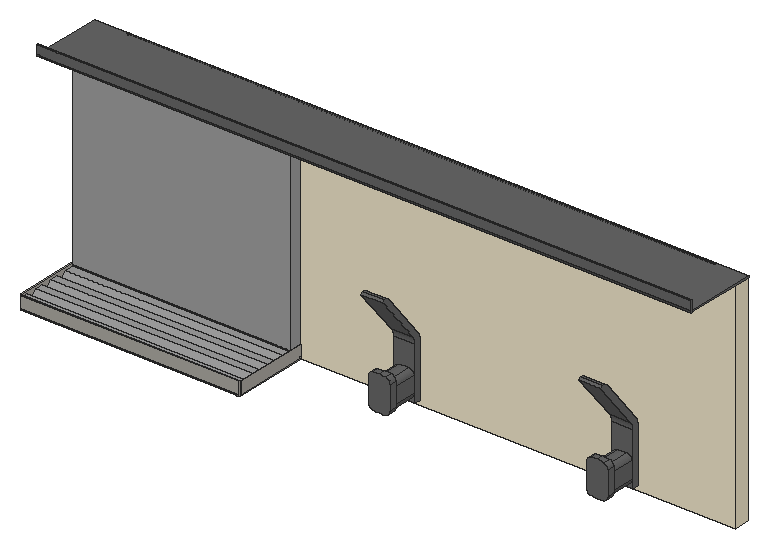
Revit family "Storage-Teknion-LWBWS_Byward_Wall_Shelves-R2019", category Furniture, Revit 2019 (continued)
Automatic sketch dimensions
  Sweep 20 sketch curve to plane 5 "Right" = 0.054"
  Masking region 4 sketch curve to plane 6 "Back" = 0.2842"
  Masking region 8 sketch curve to plane 4 "Left" = 0.000"
  Masking region 8 sketch curve to plane 7 "Front" = 0.09984"
  Masking region 8 sketch curve to plane 7 "Front" = 0.024"
  plane 7 "Front" to curve 11 = 1.53256"
  plane 6 "Back" to curve 11 = 1.42216"
  plane 7 "Front" to curve 12 = 1.53256"
  plane 6 "Back" to curve 12 = 1.42216"
  curve 43 to curve 38 = 0.000"
  curve 23 to plane 7 "Front" = 0.17984"
  curve 37 to curve 39 = 0.030"
  curve 36 to curve 37 = 0.48913"
  curve 46 to plane 6 "Back" = 1.1222"
  curve 48 to curve 46 = 0.000"
  curve 49 to plane 6 "Back" = 1.1222"
  curve 49 to curve 50 = 0.000"
  curve 52 to plane 6 "Back" = 1.1222"
  curve 54 to curve 52 = 0.000"
  curve 55 to plane 6 "Back" = 1.1222"
  curve 55 to curve 56 = 0.000"
Nested families (in)
  nested 1: "Accessories-Teknion-Byward_Coat_Hook-R2018" at (-0.79901, -1.04855, 50.0861), visible <- "Right Hooks, Upper Shelf", type "Coat Hook"
    with To render please download texture images found here "https://assets.teknion.com/web/5e81352c1dfdb467/revit-material-swatches/", How To Use Teknion Materials User Guide "https://assets.teknion.com/m/205dd0a49fa58060/original/How-to-add-a-Material-Library-and-Texture-Images-to-your-Revit-project.pdf", For Additional Finishes please visit "https://assets.teknion.com/m/44a8009b046e5d47/original/Teknion_Materials_Library.zip"
  nested 2: "Accessories-Teknion-Byward_Coat_Hook-R2018" at (9.20099, -1.04855, 50.0861), visible <- "Right Hooks, Upper Shelf", type "Coat Hook"
    with To render please download texture images found here "https://assets.teknion.com/web/5e81352c1dfdb467/revit-material-swatches/", How To Use Teknion Materials User Guide "https://assets.teknion.com/m/205dd0a49fa58060/original/How-to-add-a-Material-Library-and-Texture-Images-to-your-Revit-project.pdf", For Additional Finishes please visit "https://assets.teknion.com/m/44a8009b046e5d47/original/Teknion_Materials_Library.zip"
  nested 3: "Accessories-Teknion-Byward_Coat_Hook-R2018" at (-10.79901, -1.04855, 50.0861), visible <- "Left Hooks, Upper Shelf", type "Coat Hook"
    with To render please download texture images found here "https://assets.teknion.com/web/5e81352c1dfdb467/revit-material-swatches/", How To Use Teknion Materials User Guide "https://assets.teknion.com/m/205dd0a49fa58060/original/How-to-add-a-Material-Library-and-Texture-Images-to-your-Revit-project.pdf", For Additional Finishes please visit "https://assets.teknion.com/m/44a8009b046e5d47/original/Teknion_Materials_Library.zip"
  nested 4: "Accessories-Teknion-Byward_Coat_Hook-R2018" at (-0.79901, -1.04855, 50.0861), visible <- "Left Hooks, Upper Shelf", type "Coat Hook"
    with To render please download texture images found here "https://assets.teknion.com/web/5e81352c1dfdb467/revit-material-swatches/", How To Use Teknion Materials User Guide "https://assets.teknion.com/m/205dd0a49fa58060/original/How-to-add-a-Material-Library-and-Texture-Images-to-your-Revit-project.pdf", For Additional Finishes please visit "https://assets.teknion.com/m/44a8009b046e5d47/original/Teknion_Materials_Library.zip"
Definition of nested family "Accessories-Teknion-Byward_Coat_Hook-R2018"
  Parameters (values of type "Coat Hook")
    Warranty = "http://www.teknion.com/ca/papers/legal-canada"
    Unit Weight URL = "http://www.teknion.com/ca/tools/assets#&asset=bee6a381-b954-425e-8283-5a2de3a804f2,f828d448-4b62-4231-9e5f-9a8991c0ed77"
    URL = "www.teknion.com"
    To render please download texture images found here [instance] = "https://assets.teknion.com/web/5e81352c1dfdb467/revit-material-swatches/"
    Sustainability Data = "https://www.teknion.com/ca/tools/assets#&topic=216f99a5-57a0-44fc-b10a-9dee9b29ae4c&asset=444deb64-fe58-4b68-981e-f75e97781df7,b4ff2d81-9f2e-437d-9659-7cffb09c31cf"
    Series = "Litewood"  # constant formula
    Product Page URL = "https://www.teknion.com/ca/products/all-products"
    Product Line = "Litewood"  # constant formula
    Product Documentation Link = "https://assets.teknion.com/m/2907dbaaaca18007/original/Byward-Reference-Guide.pdf"
    Model = "Coat Hook"
    Manufacturer Phone = "416-661-3370"  # constant formula
    Manufacturer Fax = "416.661.4586"  # constant formula
    Manufacturer Contact Information = "http://www.teknion.com/ca/contactus"
    Manufacturer Address = "1150 Flint Road, Toronto, ON. M3J 2J5. Canada"  # constant formula
    Manufacturer = "Teknion"  # constant formula
    How To Use Teknion Materials User Guide [instance] = "https://assets.teknion.com/m/205dd0a49fa58060/original/How-to-add-a-Material-Library-and-Texture-Images-to-your-Revit-project.pdf"
    For Additional Finishes please visit [instance] = "https://assets.teknion.com/m/44a8009b046e5d47/original/Teknion_Materials_Library.zip"
    Description = "Coat Hook"
    Assembly Code = "E2020200"
  Reference planes (in)
    plane 1 "Center Front/Back": y = 0.21021
    plane 2: z = 0
    plane 3 "Center Left/Right": x = 0
    plane 4 "Left": x = -0.5
    plane 5 "Right": x = 0.5
    plane 6 "Back": y = 1.25902
    plane 7 "Front": y = -0.83859
    plane 8 "Top": z = 5.00325
  Forms (in)
    Sweep 1, solid
      path origin (0.79901, 0.83834, -50.0895) x (1, 0, 0) y (0, 1, 0)
        loop
          line (-1.29901, -0.46026) -> (-0.29901, -0.46026)
      profile origin (0, 0.37808, -50.0895) x (0, 1, 0) y (0, 0, 1)
        loop
          line (0.7714, 52.9264) -> (-0.897, 55.00491)
          arc (-0.897, 55.00491) -> (-0.99654, 55.07737) -> (-1.11906, 55.0895) r 0.23484
          line (-1.11906, 55.0895) -> (-1.21667, 55.01141) -> (0.51991, 52.84068)
          arc (0.51991, 52.84068) -> (0.6039, 52.68599) -> (0.63296, 52.51239) r 0.53324
          line (0.63296, 52.51239) -> (0.63296, 50.0895) -> (0.88094, 50.0895) -> (0.88094, 52.60826)
          arc (0.88094, 52.60826) -> (0.85386, 52.77686) -> (0.7714, 52.9264) r 0.49777
    Sweep 2, solid
      path origin (0.79901, 0.83834, -50.0895) x (1, 0, 0) y (0, 1, 0)
        loop
          line (-0.79901, -1.25423) -> (-0.79901, -0.95432)
      profile origin (0, -0.26594, -50.0895) x (-1, 0, 0) y (0, 0, 1)
        loop
          arc (0.5, 51.46895) -> (0.44584, 51.62067) -> (0.30959, 51.70663) r 0.24675
          arc (0.30959, 51.70663) -> (0.15582, 51.73401) -> (0, 51.74464) r 1.4453
          arc (0, 51.74464) -> (-0.15582, 51.73401) -> (-0.30959, 51.70663) r 1.4453
          arc (-0.30959, 51.70663) -> (-0.44584, 51.62067) -> (-0.5, 51.46895) r 0.24675
          line (-0.5, 51.46895) -> (-0.5, 50.39472)
          arc (-0.5, 50.39472) -> (-0.44584, 50.243) -> (-0.30959, 50.15704) r 0.24675
          arc (-0.30959, 50.15704) -> (-0.15582, 50.12966) -> (0, 50.11903) r 1.4453
          arc (0, 50.11903) -> (0.15582, 50.12966) -> (0.30959, 50.15704) r 1.4453
          arc (0.30959, 50.15704) -> (0.44584, 50.243) -> (0.5, 50.39472) r 0.24675
          line (0.5, 50.39472) -> (0.5, 51.46895)
    Sweep 3, solid
      path origin (0.79901, 0.83834, -50.0895) x (1, 0, 0) y (0, 1, 0)
        loop
          line (-0.79901, -0.95432) -> (-0.79901, 0.17269)
      profile origin (0, 0.44752, -50.0895) x (-1, 0, 0) y (0, 0, 1)
        loop
          arc (0.21848, 51.44592) -> (-0.00093, 51.4672) -> (-0.22019, 51.44453) r 1.10549
          arc (-0.22019, 51.44453) -> (-0.3656, 51.35747) -> (-0.425, 51.19874) r 0.25656
          line (-0.425, 51.19874) -> (-0.425, 50.42929)
          arc (-0.425, 50.42929) -> (-0.36928, 50.27239) -> (-0.22709, 50.18579) r 0.24875
          arc (-0.22709, 50.18579) -> (-0.00384, 50.16588) -> (0.21945, 50.18529) r 1.27772
          arc (0.21945, 50.18529) -> (0.3668, 50.27037) -> (0.425, 50.43026) r 0.24875
          line (0.425, 50.43026) -> (0.425, 51.19874)
          arc (0.425, 51.19874) -> (0.36533, 51.35875) -> (0.21848, 51.44592) r 0.2567
  Lines and regions (in)
    symbolic lines, detail levels medium+fine
      curve 1: line (-0.5, 1.25902, 0) -> (-0.5, -0.83859, 0)
      curve 2: line (-0.5, 1.25902, 0) -> (0.5, 1.25902, 0)
      curve 3: line (0.5, 1.25902, 0) -> (0.5, -0.83859, 0)
      curve 4: line (-0.5, -0.83859, 0) -> (0.5, -0.83859, 0)
  Dimensions and locks (in)
    locked: plane 4 "Left" to plane 5 "Right" at 1
    equal spacing: plane 6 "Back", plane 1 "Center Front/Back", plane 7 "Front", locked at 1.0488 each
    locked: plane 8 "Top" to level at 5.00325
    aligned and locked: level to plane 2
    aligned and locked: curve 1 to plane 4 "Left"
    aligned and locked: curve 2 to plane 6 "Back"
    aligned and locked: curve 3 to plane 5 "Right"
    aligned and locked: curve 4 to plane 7 "Front"
  Automatic sketch dimensions
    Sweep 1 sketch curve to plane 3 "Center Left/Right" = 0.500"
    plane 3 "Center Left/Right" to Sweep 1 sketch curve = 0.500"
    Sweep 1 sketch curve to plane 1 "Center Front/Back" = 0.16787"
    profile plane to Sweep 1 sketch curve = 1.21667"
    Sweep 1 sketch curve to Sweep 1 sketch curve = 0.09761"
    Sweep 1 sketch curve to Sweep 1 sketch curve = 0.13653"
    Sweep 1 sketch curve to Sweep 1 sketch curve = 0.18314"
    Sweep 1 sketch curve to profile plane = 0.09972"
    Sweep 1 sketch curve to Sweep 1 sketch curve = 0.28349"
    Sweep 1 sketch curve to Sweep 1 sketch curve = 0.1367"
    Sweep 1 sketch curve to Sweep 1 sketch curve = 0.24975"
    Sweep 1 sketch curve to Sweep 1 sketch curve = 0.25148"
    Sweep 1 sketch curve to Sweep 1 sketch curve = 0.24798"
    profile plane to Sweep 1 sketch curve = 50.0895"
    Sweep 1 sketch curve to Sweep 1 sketch curve = 2.42289"
    Sweep 1 sketch curve to Sweep 1 sketch curve = 0.09587"
    Sweep 1 sketch curve to Sweep 1 sketch curve = 0.22588"
    Sweep 1 sketch curve to Sweep 1 sketch curve = 2.01723"
    Sweep 1 sketch curve to Sweep 1 sketch curve = 0.147"
    plane 3 "Center Left/Right" to Sweep 2 sketch curve = 0.000"
    plane 1 "Center Front/Back" to Sweep 2 sketch curve = 0.6261"
    Sweep 2 sketch curve to Sweep 2 sketch curve = 0.2999"
    Sweep 2 sketch curve to profile plane = 0.000"  (x2)
    profile plane to Sweep 2 sketch curve = 0.02032"  (x2)
    Sweep 2 sketch curve to Sweep 2 sketch curve = 0.23295"  (x4)
    Sweep 2 sketch curve to Sweep 2 sketch curve = 0.24673"  (x2)
    Sweep 2 sketch curve to profile plane = 0.02032"  (x2)
    profile plane to Sweep 2 sketch curve = 50.29948"
    Sweep 2 sketch curve to Sweep 2 sketch curve = 0.000"  (x5)
    Sweep 2 sketch curve to Sweep 2 sketch curve = 0.09524"  (x2)
    Sweep 2 sketch curve to Sweep 2 sketch curve = 0.00256"  (x4)
    Sweep 2 sketch curve to Sweep 2 sketch curve = 1.06912"
    Sweep 2 sketch curve to Sweep 2 sketch curve = 0.09779"
    Sweep 3 sketch curve to plane 1 "Center Front/Back" = 0.80082"
    plane 3 "Center Left/Right" to Sweep 3 sketch curve = 0.000"
    Sweep 3 sketch curve to Sweep 3 sketch curve = 1.12702"
    profile plane to Sweep 3 sketch curve = 0.425"
    profile plane to Sweep 3 sketch curve = 0.17625"
    profile plane to Sweep 3 sketch curve = 0.1685"
    profile plane to Sweep 3 sketch curve = 0.00243"
    Sweep 3 sketch curve to profile plane = 0.00256"
    Sweep 3 sketch curve to profile plane = 0.16834"
    Sweep 3 sketch curve to profile plane = 0.17625"
    Sweep 3 sketch curve to Sweep 3 sketch curve = 0.25666"
    profile plane to Sweep 3 sketch curve = 50.36172"
    Sweep 3 sketch curve to Sweep 3 sketch curve = 0.06757"
    Sweep 3 sketch curve to Sweep 3 sketch curve = 0.06855"
    Sweep 3 sketch curve to Sweep 3 sketch curve = 0.76395"
    Sweep 3 sketch curve to Sweep 3 sketch curve = 0.00093"  (x2)
    Sweep 3 sketch curve to Sweep 3 sketch curve = 0.0055"
    Sweep 3 sketch curve to Sweep 3 sketch curve = 0.00458"
    profile plane to Sweep 3 sketch curve = 0.22709"
    Sweep 3 sketch curve to Sweep 3 sketch curve = 0.000"
Types (5): name | Upper Shelf | Model | Lower Shelf with Tray | Lower Shelf with Dividers | Right Hooks, Upper Shelf | Left Hooks, Upper Shelf | Description | Bottom Sliding Tray | Available Widths
  (no name) | yes | "LWBWSR1004__" | no | no | yes | no | "Byward, Wall Shelves, Right Hooks, Upper Shelf, 10\" Height, 4\" Depth" | no | "30\" or 36\""
  Lower Shelf with Tray | no | "LWBWSB1004__" | yes | no | no | no | "Byward, Wall Shelves, Lower Shelf with Tray, 10\" Height, 4\" Depth" | yes | "24\", 30\", or 36\""
  Lower Shelf with Dividers | no | "LWBWSC1004__" | no | yes | no | no | "Byward, Wall Shelves, Lower Shelf with Dividers, 10\" Height, 4\" Depth" | yes | "24\", 30\", or 36\""
  Left Hooks, Upper Shelf | yes | "LWBWSL1004__" | no | no | no | yes | "Byward, Wall Shelves, Left Hooks, Upper Shelf, 10\" Height, 4\" Depth" | no | "30\" or 36\""
  Right Hooks, Upper Shelf | yes | "LWBWSR1004__" | no | no | yes | no | "Byward, Wall Shelves, Right Hooks, Upper Shelf, 10\" Height, 4\" Depth" | no | "30\" or 36\""
